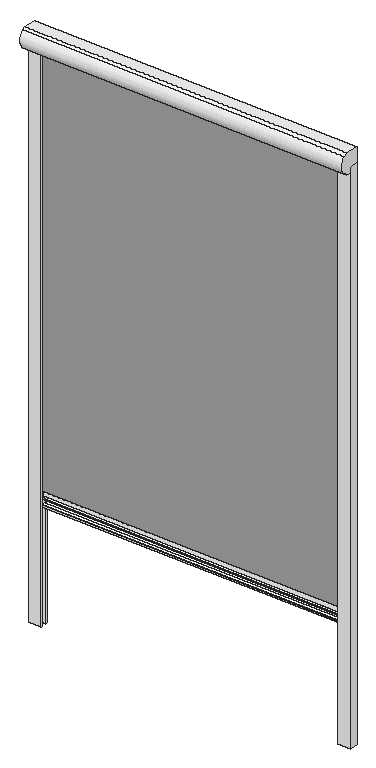
Revit family "Window_Screen-Sliding-Phantom_Screens-Serene_Retractable_Window-07", category Specialty Equipment, Revit 2017
Family settings
  Round Connector Dimension = Use Diameter
  Part Type = Normal
  OmniClass Number = 23.30.60.21
  OmniClass Title = Insect Screens
  Work Plane-Based = No
  Always vertical = Yes
  Cut with Voids When Loaded = No
  Shared = No
  Room Calculation Point = No
Parameters (values of type "PVC Slide Bar")
  Width [instance] = if(Requested Width > Max Width, Max Width, if(Requested Width < Min Width, Min Width, Requested Width))  # 3' - 0"
  URL = "https://www.phantomscreens.com/"
  Type Comments = "Vertical Screen"  # constant formula
  Track Thickness = 0' - 0 223/256"  # constant formula
  Track Height = if(Short Side Track Calc, 0' 0 115/128", 0' 1 91/256")  # 0' - 1 91/256"
  Thickness = 0' - 2 7/64"  # constant formula
  Standard Track Calc = not(or(Short Side Track, Removable Track Calc))  # yes
  Standard Track = not(Short Side Track)  # yes
  Slide Bar Height = 0' - 1 103/256"  # constant formula
  Short Side Track Calc = Short Side Track  # no
  Short Side Track = no
  Screen Opening Height Calc [instance] = if(Screen Opening > Height Opening - Slide Bar Height, Height Opening - Slide Bar Height, Screen Opening)  # 1' - 0"
  Requested Width [instance] = 3' - 0"
  Requested Height [instance] = 5' - 0"
  Removable Track Calc = Removable Track  # no
  Removable Track = no
  Product Page URL = "https://www.phantomscreens.com/retractable-window-screens/"
  Product Name = "Retractable Window Screen"  # constant formula
  Product Documentation Link = "https://www.phantomscreens.com/architects-designers/"
  Not Removable Track = not(Removable Track Calc)  # yes
  Model = "Retractable Window Standard Application"  # constant formula
  Min Width = 1' - 1 1/2"  # constant formula
  Max Width = 7' - 0"  # constant formula
  Max Height = 7' - 6"  # constant formula
  Manufacturer = "Phantom Mfg. (Int'l) Ltd."  # constant formula
  Housing Height = 0' - 1 11/16"  # constant formula
  Height Opening [instance] = Height - Housing Height  # 4' - 10 5/16"
  Height [instance] = if(Requested Height > Max Height, Max Height, Requested Height)  # 5' - 0"
  Finish Screen = Screen-Insect_Mesh-Phantom_Screens-BetterVue_Mesh
  Finish = Metal-Aluminum-Phantom_Screens-Classic_White
  Screen Opening [instance] = 1' - 0"
  Door Bottom Offset = 0' - 1 9/64"  # constant formula
  Description = "Phantom retractable aluminum window screen"  # constant formula
  Bottom Latch Offset = 0' - 1 1/4"  # constant formula
  Assembly Code = "B2010300"
Reference planes (in)
  plane 1 "Center (Front/Back)": y = -0.33082
  plane 2: z = 0
  plane 3 "Center (Left/Right)": x = 22.55646
  plane 4 "Top": z = 60
  plane 5 "Left": x = 4.55646
  plane 6 "Right": x = 40.55646
  plane 7 "Front": y = -1.38551
  plane 8 "Back": y = 0.72386
  plane 9 "Screen Top": z = 58.3125
  plane 10 "Track Interior": y = -0.14723
  plane 11 "Bottom Track": z = 12
  plane 12 "Track Exterior": y = 0.72386
  plane 13 "Right Offset": x = 39.20099
  plane 14 "Left Offset": x = 5.91192
  plane 15 "ScreenOffset": z = 13.40234
  plane 16 "Slide Bar Edge": y = -0.76442
  plane 17 "Requested Ht": z = 60
  plane 18 "Req Width Left": x = 4.55646
  plane 19 "Req Width Right": x = 40.55646
  plane 20 "Screen Open": z = 12
  plane 21: z = 12
Forms (in)
  Extrusion 1, solid, material "Metal-Aluminum-Phantom_Screens-Classic_White" <- "Finish", detail levels coarse
    sketch origin (0, 0, 0) x (1, 0, 0) y (0, 1, 0)
      loop
        line (4.55646, 0.72386) -> (4.55646, -0.14723) -> (5.91192, -0.14723) -> (5.91192, 0.72386) -> (4.55646, 0.72386)
      loop
        line (39.20099, 0.72386) -> (39.20099, -0.14723) -> (40.55646, -0.14723) -> (40.55646, 0.72386) -> (39.20099, 0.72386)
    from 0 to 58.3125
  Extrusion 2, solid, material "Metal-Aluminum-Phantom_Screens-Classic_White" <- "Finish", visible <- "Not Removable Track", detail levels medium+fine
    sketch origin (0, 0, 0) x (1, 0, 0) y (0, 1, 0)
      loop
        line (4.55646, 0.72386) -> (4.55646, -0.14723) -> (5.91192, -0.14723) -> (5.91192, -0.0013) -> (5.44405, -0.0013) -> (5.44405, 0.57793) -> (5.91192, 0.57793) -> (5.91192, 0.72386) -> (4.55646, 0.72386)
      loop
        line (40.55646, 0.72386) -> (39.20099, 0.72386) -> (39.20099, 0.57793) -> (39.66886, 0.57793) -> (39.66886, -0.0013) -> (39.20099, -0.0013) -> (39.20099, -0.14723) -> (40.55646, -0.14723) -> (40.55646, 0.72386)
    from 0 to 58.3125
  Extrusion 3, solid, material "Metal-Aluminum-Phantom_Screens-Classic_White" <- "Finish", detail levels medium+fine
    sketch origin (22.55646, 0, 0) x (0, 1, 0) y (0, 0, 1)
      loop
        arc (0.41802, 12.73028) -> (0.62298, 12.48964) -> (0.45881, 12.21952) r 0.26982
        line (0.45881, 12.21952) -> (0.10969, 12.07239) -> (0.0478, 12.18022) -> (0.00902, 12.18022) -> (0.00902, 12) -> (0.72386, 12) -> (0.72386, 12.10901) -> (0.61203, 12.10901) -> (0.61203, 12.23001) -> (0.72386, 12.23001) -> (0.72386, 13.10022) -> (0.51517, 13.10022) -> (0.46454, 13.40234) -> (0.42549, 13.40234) -> (0.42549, 13.0006) -> (0.30946, 13.0006) -> (0.30946, 13.40234) -> (0.27041, 13.40234) -> (0.1982, 12.97143) -> (0.03226, 12.85669)
        arc (0.03226, 12.85669) -> (0.03314, 12.77382) -> (0.1097, 12.80555) r 0.05001
        line (0.1097, 12.80555) -> (0.41802, 12.73028)
    from -16.64453 to 16.64453
  Extrusion 4, solid, material "Metal-Aluminum-Phantom_Screens-Classic_White" <- "Finish", detail levels coarse
    sketch origin (22.55646, 0, 0) x (0, 1, 0) y (0, 0, 1)
      loop
        line (0.72386, 60) -> (-1.38551, 60) -> (-1.38551, 57.71058) -> (0.72386, 57.71058) -> (0.72386, 60)
    from -18 to 18
  Extrusion 5, solid, material "Metal-Aluminum-Phantom_Screens-Classic_White" <- "Finish", detail levels medium+fine
    sketch origin (22.55646, 0, 0) x (0, 1, 0) y (0, 0, 1)
      loop
        line (0.72386, 57.7106) -> (0.72386, 60) -> (-0.6874, 60) -> (-0.97476, 59.74396)
        arc (-0.97476, 59.74396) -> (-1.30563, 58.43821) -> (-0.17157, 57.71133) r 1.15192
        line (-0.17157, 57.71133) -> (-0.17157, 57.79264) -> (0.00347, 57.79264) -> (0.00347, 57.71121) -> (0.06598, 57.71121) -> (0.06598, 58.00249) -> (0.45093, 58.00249) -> (0.45093, 57.7106) -> (0.72386, 57.7106)
    from -18 to 18
  Extrusion 6, solid, material "Screen-Insect_Mesh-Phantom_Screens-BetterVue_Mesh" <- "Finish Screen"
    sketch origin (0, 0, 0) x (1, 0, 0) y (0, 1, 0)
      loop
        line (5.53692, 0.42549) -> (5.53692, 0.30946) -> (39.57208, 0.30946) -> (39.57208, 0.42549) -> (5.53692, 0.42549)
    from 13.02014 to 58.3125
  Extrusion 7, solid, material "Metal-Aluminum-Phantom_Screens-Classic_White" <- "Finish", visible <- "Removable Track Calc", detail levels medium+fine
    sketch origin (0, 0, 0) x (1, 0, 0) y (0, 1, 0)
      loop
        line (4.55646, 0.72386) -> (4.55646, 0.65676) -> (4.63901, 0.65676) -> (4.63901, 0.03746) -> (5.0527, 0.03746) -> (5.0527, -0.14723) -> (5.91192, -0.14723) -> (5.91192, -0.01032) -> (5.44761, -0.01032) -> (5.44761, 0.582) -> (5.91192, 0.582) -> (5.91192, 0.72386) -> (4.55646, 0.72386)
      loop
        line (40.55646, 0.72386) -> (39.20099, 0.72386) -> (39.20099, 0.582) -> (39.6653, 0.582) -> (39.6653, -0.01032) -> (39.20099, -0.01032) -> (39.20099, -0.14723) -> (40.06021, -0.14723) -> (40.06021, 0.03746) -> (40.4739, 0.03746) -> (40.4739, 0.65676) -> (40.55646, 0.65676) -> (40.55646, 0.72386)
    from 0 to 58.3125
  Extrusion 8, solid, material "Metal-Aluminum-Phantom_Screens-Classic_White" <- "Finish", detail levels coarse
    sketch origin (22.55646, 0, 0) x (0, 1, 0) y (0, 0, 1)
      loop
        line (0.72386, 13.40234) -> (0.00902, 13.40234) -> (0.00902, 12) -> (0.72386, 12) -> (0.72386, 13.40234)
    from -16.64453 to 16.64453
Dimensions and locks (in)
  equal spacing: plane 5 "Left", plane 3 "Center (Left/Right)", plane 6 "Right"
  "Thickness": plane 8 "Back" to plane 7 "Front"
  "Width": plane 5 "Left" to plane 6 "Right"
  "Housing Height": plane 4 "Top" to plane 9 "Screen Top"
  "Height": plane 4 "Top" to plane 2
  "Screen Opening": plane 21 to plane 2
  equal spacing: plane 8 "Back", plane 1 "Center (Front/Back)", plane 7 "Front"
  "Track Thickness": plane 10 "Track Interior" to plane 12 "Track Exterior"
  locked: plane 12 "Track Exterior" to plane 8 "Back" at 0
  "Track Height": plane 5 "Left" to plane 14 "Left Offset"
  "Track Height": plane 13 "Right Offset" to plane 6 "Right"
  locked: Extrusion 2 sketch curve to plane 14 "Left Offset" at 0.46787
  locked: plane 13 "Right Offset" to Extrusion 2 sketch curve at 0.46787
  locked: plane 12 "Track Exterior" to Extrusion 2 sketch curve at 0.14593
  locked: plane 10 "Track Interior" to Extrusion 2 sketch curve at 0.14593  (x2)
  locked: Extrusion 2 sketch curve to plane 12 "Track Exterior" at 0.14593
  "Slide Bar Height": plane 15 "ScreenOffset" to plane 11 "Bottom Track"
  plane 12 "Track Exterior" to Extrusion 3 sketch curve to Extrusion 3 sketch curve to Extrusion 3 sketch curve to Extrusion 3 sketch curve to Extrusion 3 sketch curve to Extrusion 3 sketch curve to Extrusion 3 sketch curve to Extrusion 3 sketch curve to Extrusion 3 sketch curve to Extrusion 3 sketch curve to Extrusion 3 sketch curve to Extrusion 3 sketch curve to Extrusion 3 sketch curve to Extrusion 3 sketch curve to Extrusion 3 sketch curve = 0' - 0" locked, 0' - 0" locked, 0' - 0.10002" locked, 0' - 0.01181" locked, 0' - 0.09686" locked, 0' - 0.05063" locked, 0' - 0 5/128" locked, 0' - 0.11603" locked, 0' - 0 5/128" locked, 0' - 0.07221" locked, 0' - 0.0885" locked, 0' - 0" locked, 0' - 0.06189" locked, 0' - 0.03711" locked, 0' - 0.00167" locked
  Extrusion 3 sketch curve to Extrusion 3 sketch curve to Extrusion 3 sketch curve to Extrusion 3 sketch curve to Extrusion 3 sketch curve to Extrusion 3 sketch curve to Extrusion 3 sketch curve to Extrusion 3 sketch curve to Extrusion 3 sketch curve to Extrusion 3 sketch curve to Extrusion 3 sketch curve to Extrusion 3 sketch curve to plane 11 "Bottom Track" = 0' - 0" locked, 0' - 0.30213" locked, 0' - 0.09961" locked, 0' - 0.02918" locked, 0' - 0.11474" locked, 0' - 0.05114" locked, 0' - 0.57554" locked, 0' - 0.04979" locked, 0' - 0.07121" locked, 0' - 0.03662" locked, 0' - 0.07239" locked, 0' - 0" locked
  locked: plane 9 "Screen Top" to Extrusion 4 sketch curve at 0.60192
  Extrusion 5 sketch curve to plane 8 "Back" to Extrusion 5 sketch curve to Extrusion 5 sketch curve to Extrusion 5 sketch curve to Extrusion 5 sketch curve to Extrusion 5 sketch curve to Extrusion 5 sketch curve = 0' - 0" locked, 0' - 0.27293" locked, 0' - 0.38495" locked, 0' - 0 1/16" locked, 0' - 0.17504" locked, 0' - 0.51583" locked, 0' - 0.28736" locked
  Extrusion 5 sketch curve to plane 4 "Top" to Extrusion 5 sketch curve to Extrusion 5 sketch curve to Extrusion 5 sketch curve to Extrusion 5 sketch curve to Extrusion 5 sketch curve to Extrusion 5 sketch curve = 0' - 0" locked, 0' - 0.25604" locked, 0' - 1.74147" locked, 0' - 0.20985" locked, 0' - 0.08131" locked, 0' - 0.00012" locked, 0' - 0.00061" locked
  locked: plane 15 "ScreenOffset" to Extrusion 6 at 0.38221
  Extrusion 6 sketch curve to Extrusion 6 sketch curve to plane 12 "Track Exterior" = 0' - 0.11603" locked, 0' - 0.29837" locked
  locked: Extrusion 6 sketch curve to plane 14 "Left Offset" at 0.375
  locked: plane 13 "Right Offset" to Extrusion 6 sketch curve at 0.37109
  Extrusion 7 sketch curve to Extrusion 7 sketch curve to Extrusion 7 sketch curve to Extrusion 7 sketch curve to Extrusion 7 sketch curve to plane 12 "Track Exterior" to Extrusion 7 sketch curve = 0' - 0.13692" locked, 0' - 0.04778" locked, 0' - 0.54453" locked, 0' - 0.07476" locked, 0' - 0.0671" locked, 0' - 0" locked  (x2)
  Extrusion 7 sketch curve to plane 5 "Left" to Extrusion 7 sketch curve to Extrusion 7 sketch curve to Extrusion 7 sketch curve to Extrusion 7 sketch curve to Extrusion 7 sketch curve = 0' - 0" locked, 0' - 0.08256" locked, 0' - 0.41369" locked, 0' - 0.39491" locked, 0' - 0.46432" locked, 0' - 0" locked
  Extrusion 7 sketch curve to plane 6 "Right" to Extrusion 7 sketch curve to Extrusion 7 sketch curve to Extrusion 7 sketch curve to Extrusion 7 sketch curve to Extrusion 7 sketch curve = 0' - 0" locked, 0' - 0.08256" locked, 0' - 0.41369" locked, 0' - 0.39491" locked, 0' - 0.46432" locked, 0' - 0" locked
  "Requested Height": plane 17 "Requested Ht" to plane 2
  "Requested Width": plane 19 "Req Width Right" to plane 18 "Req Width Left"
  equal spacing: plane 19 "Req Width Right", plane 3 "Center (Left/Right)", plane 18 "Req Width Left"
  "Screen Opening Height Calc": plane 20 "Screen Open" to plane 2
  Extrusion 8 sketch curve to plane 12 "Track Exterior" to Extrusion 8 sketch curve = 0' - 0" locked, 0' - 0 183/256" locked
  aligned and locked: level to plane 2
  aligned and locked: Extrusion 1 sketch curve to plane 10 "Track Interior"  (x2)
  aligned and locked: plane 6 "Right" to Extrusion 1 sketch curve
  aligned and locked: plane 12 "Track Exterior" to Extrusion 2 sketch curve
  aligned and locked: plane 5 "Left" to Extrusion 2 sketch curve
  aligned and locked: Extrusion 2 sketch curve to plane 10 "Track Interior"
  aligned and locked: Extrusion 2 sketch curve to plane 14 "Left Offset"  (x2)
  aligned and locked: Extrusion 2 sketch curve to plane 6 "Right"
  aligned and locked: Extrusion 2 sketch curve to plane 12 "Track Exterior"
  aligned and locked: plane 13 "Right Offset" to Extrusion 2 sketch curve  (x2)
  aligned and locked: plane 10 "Track Interior" to Extrusion 2 sketch curve
  aligned and locked: Extrusion 2 to level
  aligned and locked: Extrusion 1 to level
  aligned and locked: plane 9 "Screen Top" to Extrusion 1
  aligned and locked: Extrusion 1 sketch curve to plane 13 "Right Offset"
  aligned and locked: plane 12 "Track Exterior" to Extrusion 1 sketch curve  (x2)
  aligned and locked: plane 5 "Left" to Extrusion 1 sketch curve
  aligned and locked: Extrusion 1 sketch curve to plane 14 "Left Offset"
  aligned and locked: nested 1 to plane 5 "Left"
  aligned and locked: nested 3 to plane 5 "Left"
  aligned and locked: nested 5 to plane 5 "Left"
  aligned and locked: nested 1 to plane 12 "Track Exterior"
  aligned and locked: nested 3 to plane 12 "Track Exterior"
  aligned and locked: nested 5 to plane 12 "Track Exterior"  (x2)
  aligned and locked: nested 2 to plane 12 "Track Exterior"
  aligned and locked: nested 4 to plane 12 "Track Exterior"
  aligned and locked: nested 4 to plane 6 "Right"
  aligned and locked: nested 2 to plane 6 "Right"
  aligned and locked: plane 6 "Right" to nested 6
  aligned and locked: plane 12 "Track Exterior" to nested 7
  aligned and locked: plane 11 "Bottom Track" to nested 7
  aligned and locked: Extrusion 3 to plane 14 "Left Offset"
  aligned and locked: Extrusion 3 to plane 13 "Right Offset"
  aligned and locked: nested 8 to plane 4 "Top"
  aligned and locked: plane 8 "Back" to nested 8
  aligned and locked: Extrusion 4 sketch curve to nested 8
  aligned and locked: Extrusion 4 sketch curve to plane 8 "Back"
  aligned and locked: Extrusion 5 to plane 5 "Left"
  aligned and locked: Extrusion 5 to plane 6 "Right"
  aligned and locked: plane 9 "Screen Top" to Extrusion 6
  aligned and locked: Extrusion 7 to level
  aligned and locked: plane 9 "Screen Top" to Extrusion 7
  aligned and locked: plane 20 "Screen Open" to plane 11 "Bottom Track"
  aligned and locked: plane 9 "Screen Top" to Extrusion 2
  aligned and locked: plane 12 "Track Exterior" to nested 6
  aligned and locked: plane 7 "Front" to Extrusion 4 sketch curve
  aligned and locked: plane 21 to Extrusion 8 sketch curve
  aligned and locked: Extrusion 8 sketch curve to plane 15 "ScreenOffset"
  aligned and locked: Extrusion 8 to plane 14 "Left Offset"
  aligned and locked: Extrusion 8 to plane 13 "Right Offset"
  aligned and locked: Extrusion 4 to plane 5 "Left"
  aligned and locked: Extrusion 4 to plane 6 "Right"
Automatic sketch dimensions
  Extrusion 3 sketch curve to Extrusion 3 sketch curve = 0' - 0.06399"
  Extrusion 3 sketch curve to Extrusion 3 sketch curve = 0' - 0.07527"
  Extrusion 3 sketch curve to Extrusion 3 sketch curve = 0' - 0.01"
  Extrusion 3 sketch curve to Extrusion 3 sketch curve = 0' - 0.10479"
  Extrusion 3 sketch curve to Extrusion 3 sketch curve = 0' - 0.01049"
  Extrusion 5 sketch curve to Extrusion 5 sketch curve = 0' - 0.85905"
Nested families (in)
  nested 1: "Nested-Detail-Phantom_Screens-Retractable_Window-PVC-Side_Track" at (6.55646, -0.15114, 0) x (0, -1, 0) z (0, 0, 1), visible <- "Standard Track Calc", type "Standard Track"
  nested 2: "Nested-Detail-Phantom_Screens-Retractable_Window-PVC-Side_Track" at (38.55646, 0.72777, 0) x (0, 1, 0) z (0, 0, 1), visible <- "Standard Track Calc", type "Standard Track"
  nested 3: "Nested-Detail-Phantom_Screens-Retractable_Window-PVC-Side_Track" at (6.55646, -0.15114, 0) x (0, -1, 0) z (0, 0, 1), visible <- "Short Side Track", type "Short Side Track"
  nested 4: "Nested-Detail-Phantom_Screens-Retractable_Window-PVC-Side_Track" at (38.55646, 0.72777, 0) x (0, 1, 0) z (0, 0, 1), visible <- "Short Side Track Calc", type "Short Side Track"
  nested 5: "Nested-Detail-Phantom_Screens-Retractable_Window-Wood_Veneer-Removable_Track" at (3.91192, 0.72777, 0) x (0, 1, 0) z (0, 0, 1), visible <- "Removable Track Calc", type "Removable Track"
  nested 6: "Nested-Detail-Phantom_Screens-Retractable_Window-Wood_Veneer-Removable_Track" at (41.20099, 0.72777, 0) x (0, 1, 0) z (0, 0, 1), visible <- "Removable Track Calc", type "Removable Track"
  nested 7: "Nested-Detail-Phantom_Screens-Retractable_Window-PVC-Slide_Bar" at (22.55646, -0.15114, 14) x (0, -1, 0) z (1, 0, 0), type "Slide Bar"
  nested 8: "Nested-Detail-Phantom_Screens-Retractable_Window-PVC-Housing" at (22.55646, -0.33082, 59.7106) x (0, -1, 0) z (1, 0, 0), type "Housing"
Definition of nested family "Nested-Detail-Phantom_Screens-Retractable_Window-PVC-Side_Track"
  Parameters (values of type "Standard Track")
    Width = 0' - 0 223/256"  # constant formula
    URL = "https://www.phantomscreens.com/"
    Type Comments = "For Use With Phantom Models Only"  # constant formula
    Standard Track = not(Short Side Track)  # yes
    Short Side Track = no
    Model = "PVC/Aluminum"  # constant formula
    Manufacturer = "Phantom Mfg. (Int'l) Ltd."  # constant formula
    Height = if(Short Side Track, 0' 0 115/128", 0' 1 91/256")  # 0' - 1 91/256"
    Description = if(Short Side Track, "Short Side Track", "Standard Track")  # "Standard Track"
  Types (2): name | Standard Track | Short Side Track | Height | Description
    Short Side Track | no | yes | 0' - 0 115/128" | "Short Side Track"
    Standard Track | yes | no | 0' - 1 91/256" | "Standard Track"
  Reference planes (in)
    plane 1 "Center (Front/Back)": y = -1.23437
    plane 2: z = 0
    plane 3 "Center (Left/Right)": x = -0.43945
    plane 4 "Left": x = -0.875
    plane 5 "Bottom": y = -2
    plane 6 "Right": x = -0.00391
    plane 7: y = -0.64453
  Lines and regions (in)
    Masking region 1, in view "Ref. Level", detail levels coarse
      outline origin (0, 0, 0) x (1, 0, 0) y (0, 1, 0)
        loop
          line (-0.875, -0.64453) -> (-0.875, -2) -> (-0.00391, -2) -> (-0.00391, -0.64453) -> (-0.875, -0.64453)
    Masking region 2, in view "Ref. Level", detail levels medium+fine
      outline origin (6.99908, 6.96535, 0) x (-1, 0, 0) y (0, -1, 0)
        loop
          line (7.06096, 8.90738) -> (7.81611, 8.90738) -> (7.81611, 8.12774) -> (7.77812, 8.12774)
          arc (7.77812, 8.12774) -> (7.74278, 8.1131) -> (7.72814, 8.07776) r 0.04998
          line (7.72814, 8.07776) -> (7.72814, 8.02783) -> (7.77858, 8.02783) -> (7.77858, 8.07776) -> (7.81611, 8.07776) -> (7.81611, 7.86059) -> (7.77858, 7.86059) -> (7.77858, 7.90979) -> (7.72814, 7.90979) -> (7.72814, 7.60997) -> (7.78612, 7.60997) -> (7.78612, 7.75263) -> (7.87408, 7.85186) -> (7.87408, 8.96535) -> (7.00298, 8.96535) -> (7.00298, 7.84695) -> (7.09094, 7.75263) -> (7.09094, 7.60997) -> (7.14892, 7.60997) -> (7.14892, 7.90979) -> (7.09848, 7.90979) -> (7.09848, 7.86059) -> (7.06096, 7.86059) -> (7.06096, 8.07776) -> (7.09848, 8.07776) -> (7.09848, 8.02783) -> (7.14892, 8.02783) -> (7.14892, 8.07776)
          arc (7.14892, 8.07776) -> (7.13428, 8.1131) -> (7.09894, 8.12774) r 0.04998
          line (7.09894, 8.12774) -> (7.06096, 8.12774) -> (7.06096, 8.90738)
  Dimensions and locks (in)
    plane 4 "Left" to plane 3 "Center (Left/Right)" = 0' - 0.43555"
    plane 1 "Center (Front/Back)" to plane 5 "Bottom" = 0' - 0 49/64"
    "Width": plane 4 "Left" to plane 6 "Right"
    "Height": plane 7 to plane 5 "Bottom"
    Masking region 2 sketch curve to plane 4 "Left" to Masking region 2 sketch curve to Masking region 2 sketch curve to Masking region 2 sketch curve to Masking region 2 sketch curve to Masking region 2 sketch curve to Masking region 2 sketch curve to Masking region 2 sketch curve to Masking region 2 sketch curve to Masking region 2 sketch curve to Masking region 2 sketch curve to Masking region 2 sketch curve to Masking region 2 sketch curve to Masking region 2 sketch curve to Masking region 2 sketch curve = 0' - 0" locked, 0' - 0.05797" locked, 0' - 0" locked, 0' - 0.02999" locked, 0' - 0.00754" locked, 0' - 0" locked, 0' - 0.05044" locked, 0' - 0" locked, 0' - 0.57923" locked, 0' - 0" locked, 0' - 0.05044" locked, 0' - 0.00754" locked, 0' - 0.02999" locked, 0' - 0" locked, 0' - 0.05797" locked
    plane 7 to Masking region 2 sketch curve to Masking region 2 sketch curve to Masking region 2 sketch curve to Masking region 2 sketch curve to Masking region 2 sketch curve to Masking region 2 sketch curve to Masking region 2 sketch curve to Masking region 2 sketch curve to Masking region 2 sketch curve to Masking region 2 sketch curve to Masking region 2 sketch curve to Masking region 2 sketch curve to Masking region 2 sketch curve to Masking region 2 sketch curve to Masking region 2 sketch curve = 0' - 0.00009" locked, 0' - 0" locked, 0' - 0.14265" locked, 0' - 0" locked, 0' - 0.09433" locked, 0' - 0.01364" locked, 0' - 0" locked, 0' - 0.04919" locked, 0' - 0" locked, 0' - 0.11804" locked, 0' - 0" locked, 0' - 0.04993" locked, 0' - 0" locked, 0' - 0.04998" locked, 0' - 0" locked
    Masking region 2 sketch curve to Masking region 2 sketch curve to plane 5 "Bottom" = 0' - 0.05797" locked, 0' - 0" locked
    equal spacing: plane 4 "Left", plane 3 "Center (Left/Right)", plane 6 "Right"
    aligned and locked: Masking region 1 sketch curve to plane 7
    aligned and locked: Masking region 1 sketch curve to plane 4 "Left"
    aligned and locked: plane 5 "Bottom" to Masking region 1
  Automatic sketch dimensions
    Masking region 1 sketch curve to plane 6 "Right" = 0' - 0"
    plane 5 "Bottom" to Masking region 1 sketch curve = 0' - 0"
    Masking region 2 sketch curve to Masking region 2 sketch curve = 0' - 0.00046"
    Masking region 2 sketch curve to Masking region 2 sketch curve = 0' - 0.00873"
    Masking region 2 sketch curve to Masking region 2 sketch curve = 0' - 0"  (x2)
Definition of nested family "Nested-Detail-Phantom_Screens-Retractable_Window-Wood_Veneer-Removable_Track"
  Parameters (values of type "Removable Track")
    Width = 0' - 0 223/256"  # constant formula
    URL = "https://www.phantomscreens.com/"
    Type Comments = "For Use With Phantom Models Only"  # constant formula
    Model = "Wood Veneer"  # constant formula
    Manufacturer = "Phantom Mfg. (Int'l) Ltd."  # constant formula
    Height = 0' - 1 91/256"  # constant formula
    Description = "Removable Track"  # constant formula
  Reference planes (in)
    plane 1 "Center (Front/Back)": y = -1.23437
    plane 2: z = 0
    plane 3 "Center (Left/Right)": x = -0.43945
    plane 4 "Left": x = -0.875
    plane 5 "Bottom": y = -2
    plane 6 "Right": x = -0.00391
    plane 7: y = -0.64453
  Lines and regions (in)
    Masking region 1, in view "Ref. Level", detail levels coarse
      outline origin (0, 0, 0) x (1, 0, 0) y (0, 1, 0)
        loop
          line (-0.875, -0.64453) -> (-0.875, -2) -> (-0.00391, -2) -> (-0.00391, -0.64453) -> (-0.875, -0.64453)
    Masking region 2, in view "Ref. Level", detail levels medium+fine
      outline origin (0, 0, 0) x (1, 0, 0) y (0, 1, 0)
        loop
          line (-0.68222, -0.80507) -> (-0.68222, -1.01915) -> (-0.64803, -1.04413) -> (-0.64803, -1.079) -> (-0.6903, -1.10676) -> (-0.6903, -1.26849) -> (-0.82539, -1.26849) -> (-0.82539, -1.16432)
          arc (-0.82539, -1.16432) -> (-0.85019, -1.13951) -> (-0.875, -1.16432) r 0.02481
          line (-0.875, -1.16432) -> (-0.875, -1.73649) -> (-0.78769, -1.84787) -> (-0.78769, -2) -> (-0.73808, -2) -> (-0.73808, -1.70236) -> (-0.78769, -1.70236) -> (-0.78769, -1.75164) -> (-0.82539, -1.75164) -> (-0.82539, -1.53568) -> (-0.78769, -1.53568) -> (-0.78769, -1.58463) -> (-0.73808, -1.58463) -> (-0.73808, -1.53568)
          arc (-0.73808, -1.53568) -> (-0.75261, -1.5006) -> (-0.78769, -1.48608) r 0.04961
          line (-0.78769, -1.48608) -> (-0.82539, -1.48608) -> (-0.82539, -1.3181) -> (-0.64104, -1.3181) -> (-0.64104, -1.14032) -> (-0.59847, -1.08205) -> (-0.59847, -1.04447) -> (-0.63159, -0.99403) -> (-0.63159, -0.77669) -> (-0.30187, -0.77669) -> (-0.30187, -0.99403) -> (-0.335, -1.04447) -> (-0.335, -1.08205) -> (-0.29242, -1.14032) -> (-0.29242, -1.3181) -> (-0.05846, -1.3181) -> (-0.05846, -1.48608) -> (-0.09617, -1.48608)
          arc (-0.09617, -1.48608) -> (-0.13124, -1.5006) -> (-0.14577, -1.53568) r 0.04961
          line (-0.14577, -1.53568) -> (-0.14577, -1.58463) -> (-0.09617, -1.58463) -> (-0.09617, -1.53762) -> (-0.05846, -1.53762) -> (-0.05846, -1.75164) -> (-0.09617, -1.75164) -> (-0.09617, -1.70236) -> (-0.14577, -1.70236) -> (-0.14577, -2) -> (-0.09617, -2) -> (-0.09617, -1.84787) -> (-0.00391, -1.7235) -> (-0.00391, -0.66926)
          arc (-0.00391, -0.66926) -> (-0.0302, -0.6445) -> (-0.05333, -0.67223) r 0.0248
          line (-0.05333, -0.67223) -> (-0.06869, -1.26849) -> (-0.24316, -1.26849) -> (-0.24316, -1.10676) -> (-0.28544, -1.079) -> (-0.28544, -1.04413) -> (-0.25125, -1.01915) -> (-0.25125, -0.80507)
          arc (-0.25125, -0.80507) -> (-0.27498, -0.74985) -> (-0.33061, -0.72709) r 0.07937
          line (-0.33061, -0.72709) -> (-0.60286, -0.72709)
          arc (-0.60286, -0.72709) -> (-0.65849, -0.74985) -> (-0.68222, -0.80507) r 0.07937
  Dimensions and locks (in)
    plane 4 "Left" to plane 3 "Center (Left/Right)" = 0' - 0.43555"
    plane 7 to plane 1 "Center (Front/Back)" to plane 5 "Bottom" = 0' - 0 151/256", 0' - 0 49/64"
    "Width": plane 4 "Left" to plane 6 "Right"
    "Height": plane 7 to plane 5 "Bottom"
    equal spacing: plane 4 "Left", plane 3 "Center (Left/Right)", plane 6 "Right"
    plane 4 "Left" to Masking region 2 sketch curve to Masking region 2 sketch curve to Masking region 2 sketch curve to Masking region 2 sketch curve to Masking region 2 sketch curve to Masking region 2 sketch curve to Masking region 2 sketch curve to Masking region 2 sketch curve to Masking region 2 sketch curve to Masking region 2 sketch curve to Masking region 2 sketch curve to Masking region 2 sketch curve to Masking region 2 sketch curve to Masking region 2 sketch curve to Masking region 2 sketch curve to Masking region 2 sketch curve to Masking region 2 sketch curve to Masking region 2 sketch curve to Masking region 2 sketch curve to Masking region 2 sketch curve to Masking region 2 sketch curve to Masking region 2 sketch curve to Masking region 2 sketch curve to Masking region 2 sketch curve to Masking region 2 sketch curve to Masking region 2 sketch curve to Masking region 2 sketch curve to Masking region 2 sketch curve to Masking region 2 sketch curve to Masking region 2 sketch curve = 0' - 0" locked, 0' - 0.04961" locked, 0' - 0" locked, 0' - 0" locked, 0' - 0.0377" locked, 0' - 0" locked, 0' - 0" locked, 0' - 0.04961" locked, 0' - 0.04778" locked, 0' - 0.00809" locked, 0' - 0.03419" locked, 0' - 0.00699" locked, 0' - 0.00945" locked, 0' - 0.03312" locked, 0' - 0.26347" locked, 0' - 0.03312" locked, 0' - 0.00945" locked, 0' - 0.00699" locked, 0' - 0.03419" locked, 0' - 0.00809" locked, 0' - 0.09739" locked, 0' - 0" locked, 0' - 0.04961" locked, 0' - 0" locked, 0' - 0" locked, 0' - 0.02747" locked, 0' - 0.01023" locked, 0' - 0" locked, 0' - 0.00513" locked, 0' - 0.04943" locked
    plane 5 "Bottom" to Masking region 2 sketch curve to Masking region 2 sketch curve to Masking region 2 sketch curve to Masking region 2 sketch curve to Masking region 2 sketch curve to Masking region 2 sketch curve to Masking region 2 sketch curve to Masking region 2 sketch curve to Masking region 2 sketch curve to Masking region 2 sketch curve to Masking region 2 sketch curve to Masking region 2 sketch curve to Masking region 2 sketch curve to Masking region 2 sketch curve to Masking region 2 sketch curve to Masking region 2 sketch curve to Masking region 2 sketch curve to Masking region 2 sketch curve to Masking region 2 sketch curve to Masking region 2 sketch curve to Masking region 2 sketch curve to Masking region 2 sketch curve to Masking region 2 sketch curve to Masking region 2 sketch curve to Masking region 2 sketch curve to Masking region 2 sketch curve to Masking region 2 sketch curve to Masking region 2 sketch curve to Masking region 2 sketch curve to Masking region 2 sketch curve to Masking region 2 sketch curve to Masking region 2 sketch curve to Masking region 2 sketch curve to Masking region 2 sketch curve to Masking region 2 sketch curve to Masking region 2 sketch curve to Masking region 2 sketch curve to Masking region 2 sketch curve = 0' - 0" locked, 0' - 0" locked, 0' - 0.15213" locked, 0' - 0" locked, 0' - 0.09623" locked, 0' - 0" locked, 0' - 0.01515" locked, 0' - 0.01299", 0' - 0.02114", 0' - 0" locked, 0' - 0.11773" locked, 0' - 0" locked, 0' - 0.04701" locked, 0' - 0.00194" locked, 0' - 0.04961" locked, 0' - 0" locked, 0' - 0 43/256" locked, 0' - 0" locked, 0' - 0.04961" locked, 0' - 0" locked, 0' - 0.12817" locked, 0' - 0" locked, 0' - 0.00081" locked, 0' - 0.03275" locked, 0' - 0" locked, 0' - 0.02471" locked, 0' - 0" locked, 0' - 0.00306" locked, 0' - 0" locked, 0' - 0.03453" locked, 0' - 0" locked, 0' - 0.00033" locked, 0' - 0" locked, 0' - 0.02498" locked, 0' - 0.02513" locked, 0' - 0.21733" locked, 0' - 0.04961" locked, 0' - 0.08263" locked
    aligned and locked: Masking region 1 sketch curve to plane 7
    aligned and locked: Masking region 1 sketch curve to plane 4 "Left"
    aligned and locked: plane 5 "Bottom" to Masking region 1
  Automatic sketch dimensions
    Masking region 1 sketch curve to plane 6 "Right" = 0' - 0"
    plane 5 "Bottom" to Masking region 1 sketch curve = 0' - 0"
    Masking region 2 sketch curve to Masking region 2 sketch curve = 0' - 0"  (x4)
    Masking region 2 sketch curve to Masking region 2 sketch curve = 0' - 0.02873"
    Masking region 2 sketch curve to Masking region 2 sketch curve = 0' - 0.00439"
    Masking region 2 sketch curve to Masking region 2 sketch curve = 0' - 0.02462"
    Masking region 2 sketch curve to Masking region 2 sketch curve = 0' - 0.00139"
    Masking region 2 sketch curve to Masking region 2 sketch curve = 0' - 0.07937"
    Masking region 2 sketch curve to plane 1 "Center (Front/Back)" = 0' - 0.24035"
    Masking region 2 sketch curve to plane 1 "Center (Front/Back)" = 0' - 0.21522"
Definition of nested family "Nested-Detail-Phantom_Screens-Retractable_Window-PVC-Slide_Bar"
  Parameters (values of type "Slide Bar")
    Width = 0' - 0 183/256"  # constant formula
    URL = "https://www.phantomscreens.com/"
    Type Comments = "For Use With Phantom Models Only"  # constant formula
    Model = "PVC/Aluminum"  # constant formula
    Manufacturer = "Phantom Mfg. (Int'l) Ltd."  # constant formula
    Height = 0' - 1 103/256"  # constant formula
    Description = "Slide Bar"  # constant formula
  Types (2): name
    Side Track Surface Mount Inside Jamb
    Slide Bar
  Reference planes (in)
    plane 1 "Center (Front/Back)": y = -1.23437
    plane 2: z = 0
    plane 3 "Center (Left/Right)": x = -0.50252
    plane 4 "Left": x = -0.875
    plane 5 "Bottom": y = -2
    plane 6 "Right": x = -0.16016
    plane 7: y = -0.59766
  Lines and regions (in)
    Masking region 1, in view "Ref. Level", detail levels medium+fine
      outline origin (0, 0, 0) x (1, 0, 0) y (0, 1, 0)
        loop
          line (-0.875, -1.76999) -> (-0.82746, -1.76999) -> (-0.82746, -1.71514) -> (-0.76316, -1.71514) -> (-0.76316, -1.94506) -> (-0.82699, -1.94506) -> (-0.82699, -1.89099) -> (-0.875, -1.89099) -> (-0.875, -2) -> (-0.65306, -2) -> (-0.65306, -1.94999) -> (-0.71315, -1.94999) -> (-0.71315, -1.88816) -> (-0.47265, -1.88816) -> (-0.47265, -1.94999) -> (-0.53274, -1.94999) -> (-0.53274, -2) -> (-0.16016, -2) -> (-0.16016, -1.81978) -> (-0.19894, -1.81978) -> (-0.26083, -1.92761) -> (-0.60995, -1.78048)
          arc (-0.60995, -1.78048) -> (-0.77412, -1.51036) -> (-0.56915, -1.26972) r 0.26982
          line (-0.56915, -1.26972) -> (-0.26084, -1.19445)
          arc (-0.26084, -1.19445) -> (-0.18428, -1.22618) -> (-0.1834, -1.14331) r 0.05001
          line (-0.1834, -1.14331) -> (-0.34934, -1.02857) -> (-0.42155, -0.59766) -> (-0.4606, -0.59766) -> (-0.4606, -0.66722) -> (-0.40494, -0.9994) -> (-0.63229, -0.9994) -> (-0.57663, -0.66722) -> (-0.57663, -0.59766) -> (-0.61568, -0.59766) -> (-0.6663, -0.89978) -> (-0.875, -0.89978) -> (-0.875, -1.76999)
    Masking region 2, in view "Ref. Level", detail levels coarse
      outline origin (0, 0, 0) x (1, 0, 0) y (0, 1, 0)
        loop
          line (-0.875, -0.59766) -> (-0.875, -2) -> (-0.16016, -2) -> (-0.16016, -0.59766) -> (-0.875, -0.59766)
    Masking region 3, in view "Ref. Level", detail levels fine
      outline origin (0, 0, 0) x (1, 0, 0) y (0, 1, 0)
        loop
          line (-0.59548, -1.22467) -> (-0.32222, -1.15796)
          arc (-0.32222, -1.15796) -> (-0.30343, -1.13739) -> (-0.31532, -1.1122) r 0.02501
          arc (-0.31532, -1.1122) -> (-0.35141, -1.08455) -> (-0.38024, -1.04941) r 0.19807
          line (-0.38024, -1.04941) -> (-0.60865, -1.04941)
          arc (-0.60865, -1.04941) -> (-0.65935, -1.02768) -> (-0.67858, -0.97599) r 0.07002
          arc (-0.67858, -0.97599) -> (-0.68545, -0.95752) -> (-0.70356, -0.94976) r 0.02501
          line (-0.70356, -0.94976) -> (-0.79998, -0.94976)
          arc (-0.79998, -0.94976) -> (-0.81766, -0.95709) -> (-0.82499, -0.97477) r 0.02501
          line (-0.82499, -0.97477) -> (-0.82499, -1.11957)
          arc (-0.82499, -1.11957) -> (-0.81376, -1.13755) -> (-0.79267, -1.13534) r 0.02
          arc (-0.79267, -1.13534) -> (-0.77885, -1.12613) -> (-0.7638, -1.11912) r 0.11002
          arc (-0.7638, -1.11912) -> (-0.73158, -1.13369) -> (-0.74615, -1.16591) r 0.02501
          arc (-0.74615, -1.16591) -> (-0.75426, -1.27444) -> (-0.66604, -1.21071) r 0.06001
          arc (-0.66604, -1.21071) -> (-0.64586, -1.18111) -> (-0.61639, -1.20148) r 0.02525
          arc (-0.61639, -1.20148) -> (-0.6114, -1.21801) -> (-0.59548, -1.22467) r 0.02023
  Dimensions and locks (in)
    plane 4 "Left" to plane 3 "Center (Left/Right)" = 0' - 0.37248"
    plane 1 "Center (Front/Back)" to plane 5 "Bottom" = 0' - 0 49/64"
    "Width": plane 4 "Left" to plane 6 "Right"
    "Height": plane 7 to plane 5 "Bottom"
    plane 4 "Left" to Masking region 1 sketch curve to Masking region 1 sketch curve to Masking region 1 sketch curve to Masking region 1 sketch curve to Masking region 1 sketch curve to Masking region 1 sketch curve to Masking region 1 sketch curve to Masking region 1 sketch curve to Masking region 1 sketch curve to Masking region 1 sketch curve to Masking region 1 sketch curve to Masking region 1 sketch curve to Masking region 1 sketch curve to Masking region 1 sketch curve to Masking region 1 sketch curve to Masking region 1 sketch curve to Masking region 1 sketch curve to Masking region 1 sketch curve to Masking region 1 sketch curve to Masking region 1 sketch curve to Masking region 1 sketch curve to Masking region 1 sketch curve = 0' - 0" locked, 0' - 0" locked, 0' - 0.04754" locked, 0' - 0.00047" locked, 0' - 0.05201" locked, 0' - 0.01181" locked, 0' - 0.05001" locked, 0' - 0.04685" locked, 0' - 0.01324" locked, 0' - 0.02077" locked, 0' - 0.01661" locked, 0' - 0 5/128" locked, 0' - 0.04388" locked, 0' - 0.06009" locked, 0' - 0.01205" locked, 0' - 0 5/128" locked, 0' - 0.01661" locked, 0' - 0.0556" locked, 0' - 0.08851" locked, 0' - 0.06189" locked, 0' - 0.03711" locked, 0' - 0.00167" locked
    Masking region 1 sketch curve to plane 7 to Masking region 1 sketch curve to Masking region 1 sketch curve to Masking region 1 sketch curve to Masking region 1 sketch curve to Masking region 1 sketch curve to Masking region 1 sketch curve to Masking region 1 sketch curve to Masking region 1 sketch curve to Masking region 1 sketch curve to Masking region 1 sketch curve to Masking region 1 sketch curve to Masking region 1 sketch curve to Masking region 1 sketch curve to Masking region 1 sketch curve to Masking region 1 sketch curve to Masking region 1 sketch curve to Masking region 1 sketch curve to Masking region 1 sketch curve to Masking region 1 sketch curve to Masking region 1 sketch curve = 0' - 0" locked, 0' - 0" locked, 0' - 0.06957" locked, 0' - 0" locked, 0' - 0.23256" locked, 0' - 0.09961" locked, 0' - 0.02918" locked, 0' - 0.20589" locked, 0' - 0.03526" locked, 0' - 0.44542" locked, 0' - 0.05484" locked, 0' - 0.01049" locked, 0' - 0.0393" locked, 0' - 0.06839" locked, 0' - 0.00283" locked, 0' - 0.03662" locked, 0' - 0.01745" locked, 0' - 0.00493" locked, 0' - 0" locked, 0' - 0.05001" locked, 0' - 0" locked
    plane 7 to Masking region 3 sketch curve to Masking region 3 sketch curve to Masking region 3 sketch curve to Masking region 3 sketch curve to Masking region 3 sketch curve to Masking region 3 sketch curve to Masking region 3 sketch curve to Masking region 3 sketch curve to Masking region 3 sketch curve to Masking region 3 sketch curve = 0' - 0.35211" locked, 0' - 0.02622" locked, 0' - 0.07342" locked, 0' - 0.0628" locked, 0' - 0.0053" locked, 0' - 0.02207" locked, 0' - 0.01839" locked, 0' - 0.02273" locked, 0' - 0.04399" locked, 0' - 0.0574" locked
    Masking region 3 sketch curve to Masking region 3 sketch curve to Masking region 3 sketch curve to Masking region 3 sketch curve to Masking region 3 sketch curve to Masking region 3 sketch curve to Masking region 3 sketch curve to Masking region 3 sketch curve to plane 3 "Center (Left/Right)" to Masking region 3 sketch curve to Masking region 3 sketch curve = 0' - 0.02501" locked, 0' - 0.015" locked, 0' - 0.05501" locked, 0' - 0.02641" locked, 0' - 0.02498" locked, 0' - 0.06259" locked, 0' - 0.00735" locked, 0' - 0.10613" locked, 0' - 0.12228" locked, 0' - 0.07709" locked
    aligned and locked: Masking region 2 sketch curve to plane 7
    aligned and locked: Masking region 2 sketch curve to plane 4 "Left"
    aligned and locked: Masking region 2 sketch curve to Masking region 1  (x2)
  Automatic sketch dimensions
    Masking region 1 sketch curve to Masking region 1 sketch curve = 0' - 0.10321"
    Masking region 1 sketch curve to Masking region 1 sketch curve = 0' - 0.06399"
    Masking region 1 sketch curve to plane 1 "Center (Front/Back)" = 0' - 0.03992"
    Masking region 1 sketch curve to Masking region 1 sketch curve = 0' - 0.049"
    Masking region 1 sketch curve to plane 6 "Right" = 0' - 0.02324"
    Masking region 3 sketch curve to Masking region 3 sketch curve = 0' - 0"  (x8)
    Masking region 3 sketch curve to plane 1 "Center (Front/Back)" = 0' - 0.01232"
    Masking region 3 sketch curve to Masking region 3 sketch curve = 0' - 0.04487"
    Masking region 3 sketch curve to plane 1 "Center (Front/Back)" = 0' - 0.02992"
    Masking region 3 sketch curve to Masking region 3 sketch curve = 0' - 0.02001"
    Masking region 3 sketch curve to Masking region 3 sketch curve = 0' - 0.00593"
    Masking region 3 sketch curve to Masking region 3 sketch curve = 0' - 0.01283"
Definition of nested family "Nested-Detail-Phantom_Screens-Retractable_Window-PVC-Housing"
  Parameters (values of type "Housing")
    Width = 0' - 2 7/64"
    URL = "https://www.phantomscreens.com/"
    Type Comments = "For Use With Phantom Models Only"  # constant formula
    Model = "Retractable Window"  # constant formula
    Manufacturer = "Phantom Mfg. (Int'l) Ltd."  # constant formula
    Height = 0' - 2.2894"
    Description = "Housing"  # constant formula
  Reference planes (in)
    plane 1 "Center (Front/Back)": y = -0.8553
    plane 2: z = 0
    plane 3 "Center (Left/Right)": x = 0
    plane 4 "Right": x = 1.05469
    plane 5 "Left": x = -1.05469
    plane 6 "Top": y = 0.2894
    plane 7 "Bottom": y = -2
  Lines and regions (in)
    Masking region 1, in view "Ref. Level", detail levels medium+fine
      outline origin (-4.6529, 0.04331, 0) x (1, 0, 0) y (0, 1, 0)
        loop
          line (5.11226, 0.15635) -> (5.06108, 0.19929)
          arc (5.06108, 0.19929) -> (5.00091, 0.23403) -> (4.93249, 0.24609) r 0.20005
          line (4.93249, 0.24609) -> (3.66073, 0.24609)
          arc (3.66073, 0.24609) -> (3.61653, 0.22778) -> (3.59822, 0.18358) r 0.06251
          line (3.59822, 0.18358) -> (3.59822, -1.96416) -> (3.84875, -1.96416) -> (3.87115, -1.75141)
          arc (3.87115, -1.75141) -> (3.84334, -1.71706) -> (3.80898, -1.74487) r 0.03126
          line (3.80898, -1.74487) -> (3.79248, -1.90164) -> (3.66244, -1.90164) -> (3.66244, -1.20697) -> (3.73408, -1.41552)
          arc (3.73408, -1.41552) -> (3.77349, -1.43477) -> (3.79273, -1.39537) r 0.03101
          arc (3.79273, -1.39537) -> (3.67761, -0.90046) -> (3.8205, -0.41284) r 1.00025
          arc (3.8205, -0.41284) -> (3.80985, -0.36994) -> (3.76695, -0.38059) r 0.03126
          arc (3.76695, -0.38059) -> (3.70724, -0.49559) -> (3.66244, -0.61717) r 1.02951
          line (3.66244, -0.61717) -> (3.66244, 0.18358) -> (4.75303, 0.18358) -> (4.87223, 0.08356) -> (4.76516, 0.08356)
          arc (4.76516, 0.08356) -> (4.74769, 0.06709) -> (4.7631, 0.04867) r 0.0175
          line (4.7631, 0.04867) -> (4.96898, 0.00094) -> (5.12517, 0.00094) -> (5.07153, 0.04595) -> (5.00263, 0.04595) -> (4.87038, 0.15692)
          arc (4.87038, 0.15692) -> (4.86296, 0.18463) -> (4.88646, 0.20108) r 0.02501
          line (4.88646, 0.20108) -> (4.98892, 0.20108) -> (5.06342, 0.13857)
          arc (5.06342, 0.13857) -> (5.09297, 0.13336) -> (5.11226, 0.15635) r 0.03001
    Masking region 2, in view "Ref. Level", detail levels medium+fine
      outline origin (-6.90583, -0.00101, 0) x (1, 0, 0) y (0, 1, 0)
        loop
          arc (6.74658, -1.99826) -> (7.88064, -1.27137) -> (7.54977, 0.03438) r 1.15192
          line (7.54977, 0.03438) -> (7.35933, 0.19417) -> (7.30557, 0.13009) -> (7.21417, 0.23694)
          arc (7.21417, 0.23694) -> (7.18206, 0.23942) -> (7.17965, 0.2073) r 0.02275
          line (7.17965, 0.2073) -> (7.2521, 0.12285)
          arc (7.2521, 0.12285) -> (7.30165, 0.09853) -> (7.35349, 0.11746) r 0.07034
          line (7.35349, 0.11746) -> (7.50958, -0.01351)
          arc (7.50958, -0.01351) -> (7.83332, -1.21984) -> (6.81103, -1.93745) r 1.08941
          line (6.81103, -1.93745) -> (6.81103, -1.90576)
          arc (6.81103, -1.90576) -> (6.79033, -1.86675) -> (6.74902, -1.85116) r 0.06251
          line (6.74902, -1.85116) -> (6.562, -1.85116)
          arc (6.562, -1.85116) -> (6.52408, -1.87225) -> (6.50902, -1.91294) r 0.06251
          line (6.50902, -1.91294) -> (6.50902, -1.94996)
          arc (6.50902, -1.94996) -> (6.52841, -1.9895) -> (6.57154, -1.99838) r 0.05001
          line (6.57154, -1.99838) -> (6.57154, -1.91695) -> (6.74658, -1.91695) -> (6.74658, -1.99826)
    Masking region 3, in view "Ref. Level", detail levels coarse
      outline origin (0, 0, 0) x (1, 0, 0) y (0, 1, 0)
        loop
          line (-1.05469, 0.2894) -> (-1.05469, -2) -> (1.05469, -2) -> (1.05469, 0.2894) -> (-1.05469, 0.2894)
  Dimensions and locks (in)
    equal spacing: plane 5 "Left", plane 3 "Center (Left/Right)", plane 4 "Right"
    "Height": plane 6 "Top" to plane 7 "Bottom"  (x2)
    equal spacing: plane 6 "Top", plane 1 "Center (Front/Back)", plane 7 "Bottom"
    "Width": plane 5 "Left" to plane 4 "Right"
    plane 7 "Bottom" to Masking region 1 sketch curve to Masking region 1 sketch curve to Masking region 1 sketch curve to Masking region 1 sketch curve to Masking region 1 sketch curve to Masking region 1 sketch curve to Masking region 1 sketch curve to Masking region 1 sketch curve to Masking region 1 sketch curve to Masking region 1 sketch curve to Masking region 1 sketch curve to Masking region 1 sketch curve to Masking region 1 sketch curve to Masking region 1 sketch curve to Masking region 1 sketch curve to Masking region 1 sketch curve to Masking region 1 sketch curve = 0' - 0.07915" locked, 0' - 0 1/16" locked, 0' - 0.18476" locked, 0' - 0.28043" locked, 0' - 0.22948" locked, 0' - 0.5898" locked, 0' - 0.25172" locked, 0' - 0.3664" locked, 0' - 0.04501" locked, 0' - 0.00272" locked, 0' - 0.03489" locked, 0' - 0.05502" locked, 0' - 0.01778" locked, 0' - 0.00057" locked, 0' - 0.02666" locked, 0' - 0.0175" locked, 0' - 0.04501" locked
    plane 5 "Left" to Masking region 1 sketch curve to Masking region 1 sketch curve to Masking region 1 sketch curve to Masking region 1 sketch curve to Masking region 1 sketch curve to Masking region 1 sketch curve to Masking region 1 sketch curve to Masking region 1 sketch curve to Masking region 1 sketch curve to Masking region 1 sketch curve to Masking region 1 sketch curve to Masking region 1 sketch curve to Masking region 1 sketch curve to Masking region 1 sketch curve to Masking region 1 sketch curve to Masking region 1 sketch curve to Masking region 1 sketch curve to Masking region 1 sketch curve to Masking region 1 sketch curve to Masking region 1 sketch curve to Masking region 1 sketch curve = 0' - 0" locked, 0' - 0.06423" locked, 0' - 0" locked, 0' - 0.01476" locked, 0' - 0.11527" locked, 0' - 0.03251" locked, 0' - 0.02377" locked, 0' - 0.02257" locked, 0' - 0.87634" locked, 0' - 0.00537" locked, 0' - 0.10842" locked, 0' - 0.01078" locked, 0' - 0.06026" locked, 0' - 0.03649" locked, 0' - 0.01994" locked, 0' - 0.01371" locked, 0' - 0.05845" locked, 0' - 0.00234" locked, 0' - 0.00811" locked, 0' - 0.04073" locked, 0' - 0.01292" locked
    plane 5 "Left" to Masking region 2 sketch curve to Masking region 2 sketch curve to Masking region 2 sketch curve to Masking region 2 sketch curve to Masking region 2 sketch curve to Masking region 2 sketch curve to Masking region 2 sketch curve to Masking region 2 sketch curve to Masking region 2 sketch curve to Masking region 2 sketch curve to Masking region 2 sketch curve to Masking region 2 sketch curve to Masking region 2 sketch curve = 0' - 0.65788" locked, 0' - 0.05297" locked, 0' - 0.00954" locked, 0' - 0.17504" locked, 0' - 0.00244" locked, 0' - 0.06201" locked, 0' - 0.36309" locked, 0' - 0.07797" locked, 0' - 0.05347" locked, 0' - 0.04793" locked, 0' - 0.00584" locked, 0' - 0.5394" locked, 0' - 0 1/16" locked
    Masking region 2 sketch curve to plane 7 "Bottom" to Masking region 2 sketch curve to Masking region 2 sketch curve to Masking region 2 sketch curve to Masking region 2 sketch curve to Masking region 2 sketch curve to Masking region 2 sketch curve to Masking region 2 sketch curve to Masking region 2 sketch curve to Masking region 2 sketch curve = 0' - 0.00098" locked, 0' - 0.00073" locked, 0' - 0.08131" locked, 0' - 0.00401" locked, 0' - 0.00718" locked, 0' - 0.0546" locked, 0' - 1.94959" locked, 0' - 0.03166" locked, 0' - 0.06408" locked, 0' - 0.05074" locked
    aligned and locked: Masking region 3 sketch curve to plane 6 "Top"
    aligned and locked: Masking region 3 sketch curve to plane 5 "Left"
    aligned and locked: Masking region 3 sketch curve to plane 7 "Bottom"
    aligned and locked: Masking region 3 sketch curve to plane 4 "Right"
  Automatic sketch dimensions
    plane 1 "Center (Front/Back)" to Masking region 1 sketch curve = 0' - 0.01296"
    Masking region 1 sketch curve to Masking region 1 sketch curve = 0' - 0.00207"
    Masking region 1 sketch curve to plane 6 "Top" = 0' - 0.0468"
    Masking region 1 sketch curve to Masking region 1 sketch curve = 0' - 0.01929"
    Masking region 1 sketch curve to Masking region 1 sketch curve = 0' - 0.01715"
    Masking region 1 sketch curve to Masking region 1 sketch curve = 0' - 0.00171"
    Masking region 1 sketch curve to Masking region 1 sketch curve = 0' - 0.10096"
    Masking region 1 sketch curve to Masking region 1 sketch curve = 0' - 0.02933"
    Masking region 1 sketch curve to Masking region 1 sketch curve = 0' - 0"  (x2)
    Masking region 1 sketch curve to Masking region 1 sketch curve = 0' - 0.02932"
    Masking region 1 sketch curve to Masking region 1 sketch curve = 0' - 0.0165"
    Masking region 1 sketch curve to Masking region 1 sketch curve = 0' - 0.06217"
    Masking region 1 sketch curve to Masking region 1 sketch curve = 0' - 0.00185"
    Masking region 1 sketch curve to Masking region 1 sketch curve = 0' - 0.03109"
    Masking region 2 sketch curve to Masking region 2 sketch curve = 0' - 0"  (x2)
    Masking region 2 sketch curve to Masking region 2 sketch curve = 0' - 0.01724"
    Masking region 2 sketch curve to plane 6 "Top" = 0' - 0.05347"
    Masking region 2 sketch curve to Masking region 2 sketch curve = 0' - 0.01729"
    Masking region 2 sketch curve to Masking region 2 sketch curve = 0' - 0.04593"
    Masking region 2 sketch curve to Masking region 2 sketch curve = 0' - 0.00018"
    Masking region 2 sketch curve to Masking region 2 sketch curve = 0' - 0.15609"
    Masking region 2 sketch curve to Masking region 2 sketch curve = 0' - 0.04018"
    Masking region 2 sketch curve to plane 7 "Bottom" = 0' - 0.00061"
    plane 3 "Center (Left/Right)" to Masking region 1 sketch curve = 0' - 0.02455"
